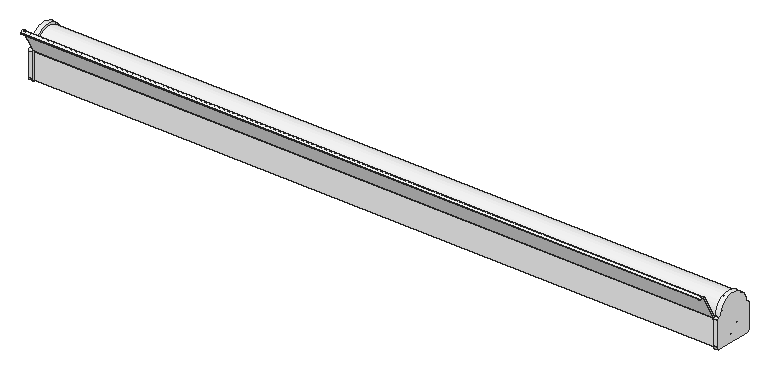
Revit family "0045191+0045234 Feilo Sylvania Lighting Fixture SYLBATTEN LED5-5 NW DALI TP5 with ASYMMETRIC REFLECTOR ACCESSORY 1200MM", category Lighting Fixtures, host Face, Revit 2017
Family settings
  Host = Face
  Round Connector Dimension = Use Diameter
  Part Type = Normal
  OmniClass Number = 23.80.70.00
  OmniClass Title = Lighting
  Cut with Voids When Loaded = No
  Light Source = Yes
  Shared = No
  Room Calculation Point = No
Parameters (values of type "0045191 SYLBATTEN LED5.5 NW DALI TP5")
  Width_FEILO = 66 mm
  Weight = "2.6 kg"
  Wattage Comments = "n/a"
  Wattage = 53 W
  WarrantyStartDate [instance] = "n/a"
  WarrantyGuarantorParts = "n/a"
  WarrantyDurationUnit = "n/a"
  WarrantyDurationParts = "n/a"
  WarrantyDescription = "n/a"
  built-in parameter 1150110 = 1 (stored number, unit not read)
  Voltage = 230 V
  URL = "http://www.sylvania-lighting.com"
  TypeName = "SYLBATTEN LED5.5 NW DALI TP5"
  Type Image = <None>
  Type Comments = "n/a"
  built-in parameter 1114217 = 1 (stored number, unit not read)
  Tilt Angle = -90.00°
  built-in parameter 1150109 = 1 (stored number, unit not read)
  built-in parameter 1150134 = 12
  SymReflector_FEILO = no
  built-in parameter 1150113 = 1 (stored number, unit not read)
  SerialNumber [instance] = "n/a"
  PowerFactor = 0
  PowerConsumption = "53 W"
  Photometric Web File = "0045191+0045234.ies"
  NominalLength = 1205 mm
  NominalHeight = 76 mm
  NominalDepth = 66 mm
  Name = "SYLBATTEN LED5.5 NW DALI TP5"
  ModelReference = Name  # "SYLBATTEN LED5.5 NW DALI TP5"
  ModelNumber = "0045191"
  Model = Name  # "SYLBATTEN LED5.5 NW DALI TP5"
  Material_4_FEILO = Reflector-Sylvania-Sylbatten-White
  Material_3_FEILO = Diffuser-Sylvania-Sylbatten-Glow
  Material_2_FEILO = Body-Sylvania-Sylbatten-White
  Material_1_FEILO = Body-Sylvania-Sylbatten-White
  Material = "sheet steel housing, polycarbonate diffuser"
  ManufacturerName = "Feilo Sylvania"
  Manufacturer = "Feilo Sylvania"
  LuminousEfficacy = "106.2 lm/W"
  built-in parameter 1150105 = 447.99 (stored number, unit not read)
  Lumens = 5629.66 lm
  LuminaireType = ""
  built-in parameter 1150115 = 1 (stored number, unit not read)
  LightOutputRatio = "100"
  built-in parameter 1150137 = (empty or 0)
  built-in parameter 1150139 = (empty or 0)
  Length_FEILO = 1205 mm
  LampsType = Lamp  # "LED"
  LampNominalLuminous = "5630 lm"
  LampMacAdamStep = "n/a"
  LampColourTemperature = "4000 K"
  LampColourRenderingIndex = "80"
  built-in parameter 1150112 = 1 (stored number, unit not read)
  built-in parameter 1150114 = 1 (stored number, unit not read)
  Lamp = "LED"
  Keynote = "16500"
  InstallationDate [instance] = "n/a"
  InputVoltage = "220-240V~"
  InputNominalFrequency = "n/a"
  built-in parameter 1150132 = (empty or 0)
  built-in parameter 1150102 = (empty or 0)
  built-in parameter 1150107 = 4000 (stored number, unit not read)
  built-in parameter 1150138 = (empty or 0)
  IngressProtection = "IP20"
  ImpactProtectionIndex = "IK07"
  built-in parameter 1150106 = 4.4799 (stored number, unit not read)
  IfcExportType = "IfcLightFixtureType"
  IfcExportAs = "IfcLightFixtureType"
  Height_FEILO = 76 mm
  ExpectedLife = 50000
  Emit from Rectangle Width = Length_FEILO - 16 mm  # 1189 mm
  Emit from Rectangle Length = Width_FEILO - 40 mm  # 26 mm
  Emit Shape Visible in Rendering = no
  ElectricShockClassification = "Class I"
  built-in parameter 1150104 = 9.8682 (stored number, unit not read)
  DurationUnit = "hours"
  DocumentationLiterature = "http://www.sylvania-lighting.com/product/en-int/products/0045191"
  DimmingControlOptions = "Dimmable"
  Dimming Lamp Color Temperature Shift = <None>
  Description = "LED batten, T8 replacement, ease of installation through 2 part push-in design of the housing (safety cable included), through wiring capability (TP5 = 5 core), sheet steel, 5630LM, 53W, 106lm/W, 4000K, drive current: 350mA, CRI 80, 138° wide beam angle, DALI dimmable, IP20, IK07, 50,000 hrs (L70), (LxWxH) 1205x66x76mm, 5 step MacAdam ellipse, 3kg, white RAL 9016, Class 1, 220-240V, energy class: A++, A+, A."
  Default Elevation = 1219.2 mm
  CreatedOn = "2/22/2018"
  CreatedBy = ""
  Cost = 0
  Color Filter = 16777215
  built-in parameter 1114216 [instance] = (empty or 0)
  ClassificationValue = "EF_70_80"
  ClassificationName = "Uniclass2015"
  CapOffset_FEILO = 2 mm
  BarCode [instance] = "n/a"
  built-in parameter 1114218 = 1 (stored number, unit not read)
  BackReflector_FEILO = and(not(AsymReflector_FEILO), SymReflector_FEILO)  # no
  built-in parameter 1150133 = 10 (stored number, unit not read)
  FrontReflector_FEILO = or(AsymReflector_FEILO, SymReflector_FEILO)  # yes
  AsymReflector_FEILO = yes
  AssetType = "Fixed"
  AssetIdentifier [instance] = "n/a"
  Assembly Code = "D5020200"
  Apparent Load = 53 VA
Reference planes
  plane 1 "Center (Front/Back)": y = 0
  plane 2: z = 0
  plane 3 "Center (Left/Right)": x = 0
  plane 4: x = 602.5
  plane 5: x = -602.5
  plane 6: y = 33
  plane 7: y = -33
  plane 8: z = 76
  plane 9: z = 47
  plane 10: y = -29
  plane 11: y = 29
  plane 12: z = 20
  plane 13: z = 74
  plane 14: y = -31
  plane 15: y = -27
  plane 16: y = 27
  plane 17: y = 31
  plane 18: z = 2
  plane 19: x = -594.5
  plane 20: x = 594.5
  plane 21: z = 49
  plane 22: y = 1
  plane 23: y = -1
  plane 24: z = 21
  plane 25: z = 19
  plane 26: y = -61
  plane 27: y = 61
  plane 28: y = -56
  plane 29: y = 56
  plane 30: z = 91
  plane 31: z = 88
Forms (mm)
  Extrusion 1, solid, material "Body-Sylvania-Sylbatten-White" <- "Material_2_FEILO"
    sketch origin (0, 0, 0) x (0, 1, 0) y (0, 0, 1)
      loop
        line (-31, 2) -> (31, 2) -> (31, 45)
        arc (31, 45) -> (30.414, 46.414) -> (29, 47) r 2
        line (29, 47) -> (27, 47)
        arc (27, 47) -> (0, 74) -> (-27, 47) r 27
        line (-27, 47) -> (-29, 47)
        arc (-29, 47) -> (-30.414, 46.414) -> (-31, 45) r 2
        line (-31, 45) -> (-31, 2)
    from -594.5 to 594.5
  Extrusion 2, solid, material "Body-Sylvania-Sylbatten-White" <- "Material_2_FEILO"
    sketch origin (602.5, 1524, 1219.2) x (0, 1, 0) y (0, 0, 1)
      loop
        arc (-1494, -1219.2) -> (-1491.879, -1218.321) -> (-1491, -1216.2) r 3
        line (-1491, -1216.2) -> (-1491, -1173.2)
        arc (-1491, -1173.2) -> (-1491.879, -1171.079) -> (-1494, -1170.2) r 3
        line (-1494, -1170.2) -> (-1495.069, -1170.2)
        arc (-1495.069, -1170.2) -> (-1524, -1143.2) -> (-1552.931, -1170.2) r 29
        line (-1552.931, -1170.2) -> (-1554, -1170.2)
        arc (-1554, -1170.2) -> (-1556.121, -1171.079) -> (-1557, -1173.2) r 3
        line (-1557, -1173.2) -> (-1557, -1216.2)
        arc (-1557, -1216.2) -> (-1556.121, -1218.321) -> (-1554, -1219.2) r 3
        line (-1554, -1219.2) -> (-1494, -1219.2)
      loop
        arc (-1525, -1189.25) -> (-1531.071, -1192.129) -> (-1533.95, -1198.2) r 10
        line (-1533.95, -1198.2) -> (-1532.944, -1198.2)
        arc (-1532.944, -1198.2) -> (-1530.364, -1192.836) -> (-1525, -1190.256) r 9
        line (-1525, -1190.256) -> (-1525, -1189.25)
      loop
        arc (-1523, -1190.256) -> (-1517.636, -1192.836) -> (-1515.056, -1198.2) r 9
        line (-1515.056, -1198.2) -> (-1514.05, -1198.2)
        arc (-1514.05, -1198.2) -> (-1516.929, -1192.129) -> (-1523, -1189.25) r 10
        line (-1523, -1189.25) -> (-1523, -1190.256)
      loop
        line (-1532.944, -1200.2) -> (-1533.95, -1200.2)
        arc (-1533.95, -1200.2) -> (-1531.071, -1206.271) -> (-1525, -1209.15) r 10
        line (-1525, -1209.15) -> (-1525, -1208.144)
        arc (-1525, -1208.144) -> (-1530.364, -1205.564) -> (-1532.944, -1200.2) r 9
      loop
        arc (-1515.056, -1200.2) -> (-1517.636, -1205.564) -> (-1523, -1208.144) r 9
        line (-1523, -1208.144) -> (-1523, -1209.15)
        arc (-1523, -1209.15) -> (-1516.929, -1206.271) -> (-1514.05, -1200.2) r 10
        line (-1514.05, -1200.2) -> (-1515.056, -1200.2)
    from 0 to -8
  Extrusion 3, solid, material "Body-Sylvania-Sylbatten-White" <- "Material_2_FEILO"
    sketch origin (-602.5, 1524, 1219.2) x (0, 1, 0) y (0, 0, 1)
      loop
        arc (-1495.069, -1170.2) -> (-1524, -1143.2) -> (-1552.931, -1170.2) r 29
        line (-1552.931, -1170.2) -> (-1554, -1170.2)
        arc (-1554, -1170.2) -> (-1556.121, -1171.079) -> (-1557, -1173.2) r 3
        line (-1557, -1173.2) -> (-1557, -1216.2)
        arc (-1557, -1216.2) -> (-1556.121, -1218.321) -> (-1554, -1219.2) r 3
        line (-1554, -1219.2) -> (-1494, -1219.2)
        arc (-1494, -1219.2) -> (-1491.879, -1218.321) -> (-1491, -1216.2) r 3
        line (-1491, -1216.2) -> (-1491, -1173.2)
        arc (-1491, -1173.2) -> (-1491.879, -1171.079) -> (-1494, -1170.2) r 3
        line (-1494, -1170.2) -> (-1495.069, -1170.2)
      loop
        line (-1533.95, -1198.2) -> (-1532.944, -1198.2)
        arc (-1532.944, -1198.2) -> (-1530.364, -1192.836) -> (-1525, -1190.256) r 9
        line (-1525, -1190.256) -> (-1525, -1189.25)
        arc (-1525, -1189.25) -> (-1531.071, -1192.129) -> (-1533.95, -1198.2) r 10
      loop
        line (-1523, -1189.25) -> (-1523, -1190.256)
        arc (-1523, -1190.256) -> (-1517.636, -1192.836) -> (-1515.056, -1198.2) r 9
        line (-1515.056, -1198.2) -> (-1514.05, -1198.2)
        arc (-1514.05, -1198.2) -> (-1516.929, -1192.129) -> (-1523, -1189.25) r 10
      loop
        line (-1514.05, -1200.2) -> (-1515.056, -1200.2)
        arc (-1515.056, -1200.2) -> (-1517.636, -1205.564) -> (-1523, -1208.144) r 9
        line (-1523, -1208.144) -> (-1523, -1209.15)
        arc (-1523, -1209.15) -> (-1516.929, -1206.271) -> (-1514.05, -1200.2) r 10
      loop
        line (-1525, -1209.15) -> (-1525, -1208.144)
        arc (-1525, -1208.144) -> (-1530.364, -1205.564) -> (-1532.944, -1200.2) r 9
        line (-1532.944, -1200.2) -> (-1533.95, -1200.2)
        arc (-1533.95, -1200.2) -> (-1531.071, -1206.271) -> (-1525, -1209.15) r 10
    from 0 to 8
  Extrusion 4, solid, material "Reflector-Sylvania-Sylbatten-White" <- "Material_4_FEILO", visible <- "FrontReflector_FEILO"
    sketch origin (0, 0, 0) x (0, 1, 0) y (0, 0, 1)
      loop
        line (-61.257, 88.429) -> (-60.743, 87.571) -> (-56.621, 90.044)
        arc (-56.621, 90.044) -> (-56.237, 90.099) -> (-55.929, 89.863) r 0.5
        line (-55.929, 89.863) -> (-31.435, 46.753) -> (-30.565, 47.247) -> (-55.312, 90.802)
        arc (-55.312, 90.802) -> (-55.928, 91.275) -> (-56.696, 91.165) r 1
        line (-56.696, 91.165) -> (-61.257, 88.429)
    from -594.5 to 594.5
  Extrusion 5, solid, material "Reflector-Sylvania-Sylbatten-White" <- "Material_4_FEILO", visible <- "BackReflector_FEILO"
    sketch origin (0, 0, 0) x (0, 1, 0) y (0, 0, 1)
      loop
        line (30.565, 47.247) -> (31.435, 46.753) -> (55.932, 89.868)
        arc (55.932, 89.868) -> (56.245, 90.112) -> (56.638, 90.062) r 0.518
        line (56.638, 90.062) -> (61.033, 87.565) -> (61.527, 88.435) -> (56.682, 91.188)
        arc (56.682, 91.188) -> (55.922, 91.282) -> (55.318, 90.812) r 1
        line (55.318, 90.812) -> (30.565, 47.247)
    from -594.5 to 594.5
Lines and regions (mm)
  reference lines
    curve 1: line (0, -61, 88) -> (0, -56, 91)
    curve 2: line (0, -56, 91) -> (0, -31, 47)
    curve 3: line (0, 31, 47) -> (0, 56, 91)
    curve 4: line (0, 56, 91) -> (0, 61.28, 88)
Dimensions and locks
  equal spacing: plane 5, plane 3 "Center (Left/Right)", plane 4
  equal spacing: plane 7, plane 1 "Center (Front/Back)", plane 6
  "Width_FEILO": plane 7 to plane 6
  "Length_FEILO": plane 5 to plane 4
  "Height_FEILO": plane 8 to plane 2
  locked: plane 9 to plane 8 at 29
  equal spacing: plane 10, plane 1 "Center (Front/Back)", plane 11
  locked: plane 7 to plane 10 at 4
  locked: plane 12 to plane 2 at 20
  "CapOffset_FEILO": plane 13 to plane 8
  "CapOffset_FEILO": plane 7 to plane 14
  "CapOffset_FEILO": plane 10 to plane 15
  "CapOffset_FEILO": plane 17 to plane 6
  "CapOffset_FEILO": plane 16 to plane 11
  "CapOffset_FEILO": plane 18 to plane 2
  locked: plane 14 to Extrusion 1 sketch curve at 2
  locked: Extrusion 1 sketch curve to plane 9 at 2  (x2)
  locked: plane 16 to Extrusion 1 sketch curve at 2
  equal spacing: plane 19, plane 3 "Center (Left/Right)", plane 20
  locked: plane 5 to plane 19 at 8
  "CapOffset_FEILO": plane 9 to plane 21
  locked: Extrusion 2 sketch curve to plane 2 at 47
  locked: Extrusion 1 sketch curve to plane 2 at 47
  locked: Extrusion 2 sketch curve to plane 2 at 3  (x2)
  locked: plane 7 to Extrusion 2 sketch curve at 3  (x2)
  locked: Extrusion 2 sketch curve to plane 6 at 3  (x2)
  locked: Extrusion 2 sketch curve to plane 21 at 3  (x2)
  equal spacing: plane 23, plane 1 "Center (Front/Back)", plane 22
  equal spacing: plane 25, plane 12, plane 24
  plane 30 to plane 31 to plane 2 = 3 mm locked, 88 mm locked
  plane 28 to plane 29 = 112 mm
  plane 26 to plane 27 = 122 mm
  aligned and locked: plane 2 to host face
  aligned and locked: level to host face
  aligned and locked: plane 18 to Extrusion 1 sketch curve
  aligned and locked: plane 14 to Extrusion 1 sketch curve
  aligned and locked: Extrusion 1 sketch curve to plane 9  (x2)
  aligned and locked: Extrusion 1 sketch curve to plane 17
  aligned and locked: plane 15 to Extrusion 1 sketch curve
  aligned and locked: plane 16 to Extrusion 1 sketch curve
  aligned and locked: plane 9 to Extrusion 1 sketch curve
  aligned and locked: plane 20 to Extrusion 1
  aligned and locked: level to Extrusion 2 sketch curve
  aligned and locked: Extrusion 2 sketch curve to plane 7
  aligned and locked: plane 21 to Extrusion 2 sketch curve
  aligned and locked: Extrusion 2 sketch curve to plane 21
  aligned and locked: plane 1 "Center (Front/Back)" to Extrusion 2 sketch curve  (x3)
  aligned and locked: Extrusion 2 to Extrusion 1
  aligned and locked: plane 4 to Extrusion 2
  aligned and locked: plane 12 to Extrusion 2 sketch curve  (x2)
  aligned and locked: Extrusion 2 sketch curve to plane 22
  aligned and locked: Extrusion 2 sketch curve to plane 23
  aligned and locked: Extrusion 2 sketch curve to plane 24
  aligned and locked: Extrusion 2 sketch curve to plane 25
  aligned and locked: plane 25 to Extrusion 2 sketch curve
  aligned and locked: plane 22 to Extrusion 2 sketch curve
  aligned and locked: plane 24 to Extrusion 2 sketch curve
  aligned and locked: plane 23 to Extrusion 2 sketch curve  (x2)
  aligned and locked: Extrusion 3 sketch curve to Extrusion 2  (x22)
  aligned and locked: Extrusion 3 to Extrusion 1
  aligned and locked: Extrusion 3 to plane 5
  aligned and locked: plane 19 to Extrusion 3
  aligned and locked: plane 31 to curve 1
  aligned and locked: plane 30 to curve 1
  aligned and locked: plane 14 to curve 2
  aligned and locked: plane 9 to curve 2
  aligned and locked: plane 17 to curve 3
  aligned and locked: plane 30 to curve 3
  aligned and locked: plane 31 to curve 4
  aligned and locked: Extrusion 4 sketch curve to curve 2
  aligned and locked: Extrusion 4 sketch curve to curve 1
  aligned and locked: Extrusion 4 to Extrusion 1
  aligned and locked: Extrusion 1 to Extrusion 4
  aligned and locked: imposter light to plane 1 "Center (Front/Back)"
  aligned and locked: imposter light to plane 3 "Center (Left/Right)"
  aligned and locked: imposter light to plane 13
  aligned and locked: Extrusion 5 sketch curve to curve 4
  aligned and locked: Extrusion 5 sketch curve to curve 3
  aligned and locked: Extrusion 1 to Extrusion 5
  aligned and locked: Extrusion 5 to Extrusion 1
Automatic sketch dimensions
  host sketch curve to host sketch curve = 2438.4 mm  (x2)
  Extrusion 2 sketch curve to Extrusion 2 sketch curve = 0 mm  (x14)
  Extrusion 2 sketch curve to plane 10 = 0.069 mm
  plane 23 to Extrusion 2 sketch curve = 8.95 mm
  Extrusion 2 sketch curve to Extrusion 2 sketch curve = 1.006 mm  (x4)
  Extrusion 2 sketch curve to plane 22 = 7.944 mm
  curve 1 to plane 26 = 0 mm
  curve 2 to plane 28 = 0 mm
  curve 4 to plane 29 = 0 mm
  plane 9 to curve 3 = 0 mm
  plane 26 to Extrusion 4 sketch curve = 0.257 mm
  Extrusion 4 sketch curve to plane 26 = 0.257 mm
  Extrusion 4 sketch curve to plane 30 = 0.165 mm
  plane 28 to Extrusion 4 sketch curve = 0.696 mm
  plane 28 to Extrusion 4 sketch curve = 0.621 mm
  plane 28 to Extrusion 4 sketch curve = 0.364 mm
  plane 28 to Extrusion 4 sketch curve = 0.182 mm
  Extrusion 4 sketch curve to plane 28 = 0.071 mm
  plane 30 to Extrusion 4 sketch curve = 0.198 mm
  Extrusion 4 sketch curve to plane 28 = 0.688 mm
  plane 9 to Extrusion 4 sketch curve = 0.247 mm
  plane 1 "Center (Front/Back)" to Extrusion 4 sketch curve = 31.435 mm
  Extrusion 5 sketch curve to plane 9 = 0.247 mm
  Extrusion 5 sketch curve to plane 1 "Center (Front/Back)" = 30.565 mm
  plane 9 to Extrusion 5 sketch curve = 0.247 mm
  plane 30 to Extrusion 5 sketch curve = 0.188 mm
  plane 29 to Extrusion 5 sketch curve = 0.068 mm
  Extrusion 5 sketch curve to plane 29 = 0.188 mm
  Extrusion 5 sketch curve to plane 29 = 0.382 mm
  Extrusion 5 sketch curve to Extrusion 5 sketch curve = 0.256 mm
  Extrusion 5 sketch curve to plane 30 = 0.188 mm
  Extrusion 5 sketch curve to plane 29 = 0.682 mm
  Extrusion 5 sketch curve to plane 27 = 0.033 mm
  Extrusion 5 sketch curve to plane 27 = 0.527 mm
Connectors
  electrical at (0, 0, 0), driven by "Apparent Load", driven by "PowerFactor", driven by "Voltage"
    settings: index 1, voltage 230 V, apparent load 53 VA, apparent load phase1 0 VA, apparent load phase2 0 VA, apparent load phase3 0 VA, power factor 0, load classification "Lighting", number of poles 1, system type 30, power factor state 1, is connector primary yes, connector utility no, sub classification motor no, connector description ""
